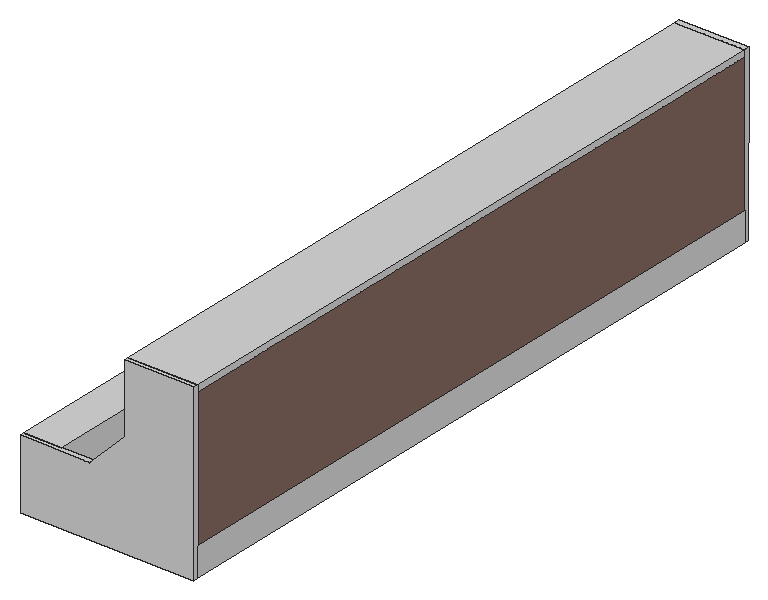
Revit family "ORMA_ORMA INSIDE CORNER 1,2_1900156", category Generic Models, Revit 2018
Family settings
  Can host rebar = No
  Round Connector Dimension = Use Diameter
  Part Type = Normal
  OmniClass Number = 35.51.14.00
  OmniClass Title = FORMWORK
  Work Plane-Based = Yes
  Always vertical = No
  Cut with Voids When Loaded = No
  Shared = Yes
  Room Calculation Point = No
Parameters
  VERSION = "20190101"  # constant formula
  URL = "www.ulmaconstruction.com/en"
  UNICLASS = ""
  ITEM_CODE = "1900156"
  Manufacturer = "ULMA CONSTRUCTION"  # constant formula
  FILTER [instance] = ""
  Default Elevation = 0.000 mm
  CLASSIFICATION_TITLE = ""
  CLASSIFICATION_NUMBER = ""
Reference planes
  plane 1 "Centro (Frontal/Posterior)": y = 0
  plane 2: z = 0
  plane 3 "Centro (Izquierda/Derecha)": x = 0
  plane 4 "ITEM_HEIGHT": y = 1200
  plane 5 "TIE HOLE 2": y = 640
  plane 6 "TIE HOLE 1": y = 34
  plane 7 "EXT HOLE 1": y = 450
  plane 8 "EXT HOLE 2": y = 750
  plane 9 "LEFT TIES": x = -271.5
  plane 10 "RIGHT TIES": z = 271.5
  plane 11 "LEFT RIB HOLES": x = -180
  plane 12 "RIGHT RIB HOLES": z = 180
Forms (mm)
  Extrusion 1, solid, material "ULMA ZINC", detail levels fine
    sketch origin (-300, 0, 0.001) x (1, 0, 0) y (0, 0, 1)
      loop
        line (11.2, 20.001) -> (65, 20.001) -> (64.999, 26.501)
        arc (64.999, 26.501) -> (63.974, 28.976) -> (61.499, 30.001) r 3.5
        line (61.499, 30.001) -> (54.999, 30.001)
        arc (54.999, 30.001) -> (53.231, 30.733) -> (52.499, 32.501) r 2.5
        line (52.499, 32.501) -> (52.499, 48.039)
        arc (52.499, 48.039) -> (52.915, 49.421) -> (54.025, 50.344) r 2.504
        line (54.025, 50.344) -> (61.342, 53.448)
        arc (61.342, 53.448) -> (64.002, 55.66) -> (65, 58.973) r 6.001
        line (65, 58.973) -> (65, 120) -> (0, 120) -> (0, 0) -> (11.2, 0) -> (11.2, 20.001)
    from -1192 to -8
  Extrusion 2, solid, material "ULMA ZINC", detail levels fine
    sketch origin (-0.001, 0, 300) x (0, 0, -1) y (1, 0, 0)
      loop
        line (11.2, -20.001) -> (11.2, 0) -> (0, 0) -> (0, -120) -> (65, -120) -> (65, -58.973)
        arc (65, -58.973) -> (64.002, -55.66) -> (61.342, -53.448) r 6.001
        line (61.342, -53.448) -> (54.025, -50.344)
        arc (54.025, -50.344) -> (52.915, -49.421) -> (52.499, -48.039) r 2.504
        line (52.499, -48.039) -> (52.499, -32.501)
        arc (52.499, -32.501) -> (53.231, -30.733) -> (54.999, -30.001) r 2.5
        line (54.999, -30.001) -> (61.499, -30.001)
        arc (61.499, -30.001) -> (63.974, -28.976) -> (64.999, -26.501) r 3.5
        line (64.999, -26.501) -> (65, -20.001) -> (11.2, -20.001)
    from -1192 to -8
  Extrusion 3, solid, material "ULMA ZINC", detail levels fine
    sketch origin (0, 0, 0) x (1, 0, 0) y (0, 0, 1)
      loop
        line (-75, 20) -> (-50, 20) -> (-50, 0) -> (0, 0) -> (0, 50) -> (-20.001, 50) -> (-20.001, 75) -> (-23.001, 75) -> (-23.001, 47) -> (-3, 47) -> (-3, 3) -> (-47, 3) -> (-47, 23) -> (-75, 23) -> (-75, 20)
    from -1192 to -8
  Extrusion 4, solid, material "ULMA PLYWOOD", detail levels fine
    sketch origin (0, 0, 0) x (1, 0, 0) y (0, 0, 1)
      loop
        line (-288.8, 20.003) -> (-288.8, 0) -> (-50, 0) -> (-50, 20.003) -> (-288.8, 20.003)
    from -1192 to -8
  Extrusion 5, solid, material "ULMA PLYWOOD", detail levels fine
    sketch origin (0, 0, 0) x (1, 0, 0) y (0, 0, 1)
      loop
        line (-20.001, 50) -> (-0.001, 50) -> (-0.001, 288.8) -> (-20.001, 288.8) -> (-20.001, 50)
    from -1192 to -8
  Extrusion 6, solid, material "ULMA ZINC", detail levels fine
    sketch origin (0, 0, 0) x (1, 0, 0) y (0, 0, 1)
      loop
        line (-120, 300) -> (-120, 180) -> (-180, 120) -> (-300, 120) -> (-300, 0) -> (-0.001, 0) -> (-0.001, 300) -> (-120, 300)
    from -8 to 0
  Extrusion 7, solid, material "ULMA ZINC", detail levels fine
    sketch origin (0, 600, 0) x (1, 0, 0) y (0, 0, 1)
      loop
        line (-120, 300) -> (-120, 180) -> (-180, 120) -> (-300, 120) -> (-300, 0) -> (-0.001, 0) -> (-0.001, 300) -> (-120, 300)
    from -600 to -592
  Extrusion 8, solid, material "ULMA ZINC", detail levels fine
    sketch origin (0, 35, 0) x (1, 0, 0) y (0, 0, 1)
      loop
        line (-235, 120.001) -> (-235, 20.001) -> (-75, 20.001) -> (-75, 23) -> (-45.001, 23) -> (-45.001, 45.001) -> (-23.001, 45.001) -> (-23.001, 75) -> (-20.001, 75) -> (-20.001, 235.001) -> (-120.001, 235.001) -> (-120.001, 120.001) -> (-235, 120.001)
    from -330 to -270
  Extrusion 9, solid, material "ULMA ZINC", not visible, detail levels fine
    sketch origin (0, 0, 0) x (1, 0, 0) y (0, 0, 1)
      loop
        line (-235, 120.001) -> (-235, 20.001) -> (-75, 20.001) -> (-75, 23) -> (-45.001, 23) -> (-45.001, 45.001) -> (-23.001, 45.001) -> (-23.001, 75) -> (-20.001, 75) -> (-20.001, 235.001) -> (-120.001, 235.001) -> (-120.001, 120.001) -> (-235, 120.001)
    from -330 to -270
  Extrusion 10, solid, material "ULMA ZINC", detail levels fine
    sketch origin (0, 300, 0) x (1, 0, 0) y (0, 0, 1)
      loop
        line (-235, 120.001) -> (-235, 20.001) -> (-75, 20.001) -> (-75, 23) -> (-45.001, 23) -> (-45.001, 45.001) -> (-23.001, 45.001) -> (-23.001, 75) -> (-20.001, 75) -> (-20.001, 235.001) -> (-120.001, 235.001) -> (-120.001, 120.001) -> (-235, 120.001)
    from -330 to -270
  Extrusion 11, solid, material "ULMA ZINC", detail levels fine
    sketch origin (0, 565, 0) x (1, 0, 0) y (0, 0, 1)
      loop
        line (-235, 120.001) -> (-235, 20.001) -> (-75, 20.001) -> (-75, 23) -> (-45.001, 23) -> (-45.001, 45.001) -> (-23.001, 45.001) -> (-23.001, 75) -> (-20.001, 75) -> (-20.001, 235.001) -> (-120.001, 235.001) -> (-120.001, 120.001) -> (-235, 120.001)
    from -330 to -270
  Extrusion 12, solid, material "ULMA ZINC", detail levels fine
    sketch origin (0, -2100, 0) x (0, 1, 0) y (0, 0, 1)
      loop
        circle (2850, 85) r 19
    from -235 to -227
  Extrusion 13, solid, material "ULMA ZINC", detail levels fine
    sketch origin (0, -2400, 0) x (0, 1, 0) y (0, 0, 1)
      loop
        circle (2850, 85) r 19
    from -235 to -227
  Extrusion 14, solid, material "ULMA ZINC", detail levels fine
    sketch origin (0, 0, 0) x (0, 1, 0) y (0, 0, 1)
      loop
        line (1167, 45.003) -> (1167, 20.003) -> (1192, 20.003) -> (1192, 45.003) -> (1167, 45.003)
    from -235 to -75
  Extrusion 15, solid, material "ULMA ZINC", detail levels fine
    sketch origin (0, 0, 0) x (0, 1, 0) y (0, 0, 1)
      loop
        line (8, 20.003) -> (33, 20.003) -> (33, 45.003) -> (8, 45.003) -> (8, 20.003)
    from -235 to -75
  Extrusion 16, solid, material "ULMA ZINC", detail levels fine
    sketch origin (0, 0, 0) x (1, 0, 0) y (0, 1, 0)
      loop
        line (-45.001, 33) -> (-45.001, 8) -> (-20.001, 8) -> (-20.001, 33) -> (-45.001, 33)
    from 75 to 235
  Extrusion 17, solid, material "ULMA ZINC", detail levels fine
    sketch origin (0, 0, 0) x (1, 0, 0) y (0, 1, 0)
      loop
        line (-45.001, 1192) -> (-45.001, 1167) -> (-20.001, 1167) -> (-20.001, 1192) -> (-45.001, 1192)
    from 75 to 235
  Extrusion 18, solid, material "ULMA ZINC", detail levels fine
    sketch origin (0, -2100, 0) x (1, 0, 0) y (0, 1, 0)
      loop
        circle (-84.999, 2850) r 19
    from 227.001 to 235
  Extrusion 19, solid, material "ULMA ZINC", detail levels fine
    sketch origin (0, -2400, 0) x (1, 0, 0) y (0, 1, 0)
      loop
        circle (-84.999, 2850) r 19
    from 227.001 to 235
  Extrusion 20, solid, material "ULMA ZINC", detail levels coarse+medium
    sketch origin (0, 0, 0) x (1, 0, 0) y (0, 0, 1)
      loop
        line (-300, 0) -> (-0.001, 0) -> (-0.001, 300) -> (-120, 300) -> (-120, 120) -> (-300, 120) -> (-300, 0)
    from 0 to -1200
Lines and regions (mm)
  model lines, style "ULMA PANELS", detail levels fine
    curve 1: circle (-15, 0, 15) r 10 normal (0, -1, 0)
    curve 2: circle (-180.001, 0, 80.001) r 10 normal (0, -1, 0)
    curve 3: circle (-80.001, 0, 180.001) r 10 normal (0, -1, 0)
    curve 4: circle (-15, 8, 15) r 10 normal (0, -1, 0)
    curve 5: circle (-180, 8, 80.001) r 10 normal (0, -1, 0)
    curve 6: circle (-80.001, 8, 180.001) r 10 normal (0, -1, 0)
    curve 7: circle (-15, 1192, 15) r 10 normal (0, -1, 0)
    curve 8: circle (-180.001, 1192, 80.001) r 10 normal (0, -1, 0)
    curve 9: circle (-80.001, 1192, 180.001) r 10 normal (0, -1, 0)
    curve 10: circle (-15, 1200, 15) r 10 normal (0, -1, 0)
    curve 11: circle (-180.001, 1200, 80.001) r 10 normal (0, -1, 0)
    curve 12: circle (-80.001, 1200, 180.001) r 10 normal (0, -1, 0)
    curve 13: arc (-256, 41.5, 120.001) -> (-271.5, 57, 120.001) -> (-287, 41.5, 120.001) r 15.5
    curve 14: line (-287, 26.5, 120.001) -> (-287, 41.5, 120.001)
    curve 15: line (-256, 41.5, 120.001) -> (-256, 26.5, 120.001)
    curve 16: arc (-287, 26.5, 120.001) -> (-271.5, 11, 120.001) -> (-256, 26.5, 120.001) r 15.5
    curve 17: circle (-271.5, 34, 120.001) r 13 normal (0, 0, 1)
    curve 18: circle (-271.5, 34, 0) r 13 normal (0, 0, 1)
    curve 25: arc (-256, 647.5, 120.001) -> (-271.5, 663, 120.001) -> (-287, 647.5, 120.001) r 15.5
    curve 26: line (-287, 632.5, 120.001) -> (-287, 647.5, 120.001)
    curve 27: line (-256, 647.5, 120.001) -> (-256, 632.5, 120.001)
    curve 28: arc (-287, 632.5, 120.001) -> (-271.5, 617, 120.001) -> (-256, 632.5, 120.001) r 15.5
    curve 29: circle (-271.5, 640, 120.001) r 13 normal (0, 0, 1)
    curve 30: circle (-271.5, 640, 0) r 13 normal (0, 0, 1)
    curve 31: arc (-120.001, 647.5, 287) -> (-120.001, 663, 271.5) -> (-120.001, 647.5, 256) r 15.5
    curve 32: line (-120.001, 632.5, 256) -> (-120.001, 647.5, 256)
    curve 33: line (-120.001, 647.5, 287) -> (-120.001, 632.5, 287)
    curve 34: arc (-120.001, 632.5, 256) -> (-120.001, 617, 271.5) -> (-120.001, 632.5, 287) r 15.5
    curve 35: circle (-120.001, 640, 271.5) r 13 normal (-1, 0, 0)
    curve 36: circle (0, 640, 271.5) r 13 normal (-1, 0, 0)
    curve 37: arc (-120.001, 41.5, 287) -> (-120.001, 57, 271.5) -> (-120.001, 41.5, 256) r 15.5
    curve 38: line (-120.001, 26.5, 256) -> (-120.001, 41.5, 256)
    curve 39: line (-120.001, 41.5, 287) -> (-120.001, 26.5, 287)
    curve 40: arc (-120.001, 26.5, 256) -> (-120.001, 11, 271.5) -> (-120.001, 26.5, 287) r 15.5
    curve 41: circle (-120.001, 34, 271.5) r 13 normal (-1, 0, 0)
    curve 42: circle (0, 34, 271.5) r 13 normal (-1, 0, 0)
    curve 43: circle (-180, 305, 80.001) r 10.25 normal (0, -1, 0)
    curve 44: circle (-80.001, 305, 180) r 10.25 normal (0, -1, 0)
    curve 45: circle (-180, 365, 80.001) r 10.25 normal (0, -1, 0)
    curve 46: circle (-80.001, 365, 180) r 10.25 normal (0, -1, 0)
    curve 51: circle (-180.001, 570, 80.001) r 10.25 normal (0, -1, 0)
    curve 52: circle (-80.001, 570, 180.001) r 10.25 normal (0, -1, 0)
    curve 53: circle (-180.001, 630, 80.001) r 10.25 normal (0, -1, 0)
    curve 54: circle (-80.001, 630, 180.001) r 10.25 normal (0, -1, 0)
    curve 55: circle (-180.001, 835, 80.001) r 10.25 normal (0, -1, 0)
    curve 56: circle (-80.001, 835, 180.001) r 10.25 normal (0, -1, 0)
    curve 57: circle (-180.001, 895, 80.001) r 10.25 normal (0, -1, 0)
    curve 58: circle (-80.001, 895, 180.001) r 10.25 normal (0, -1, 0)
    curve 59: circle (-227, 750, 85) r 11 normal (1, 0, 0)
    curve 60: circle (-300, 750, 85) r 11 normal (1, 0, 0)
    curve 61: circle (-227, 450, 85) r 11 normal (1, 0, 0)
    curve 62: circle (-300, 450, 85) r 11 normal (1, 0, 0)
    curve 63: circle (-84.999, 750, 227.001) r 11 normal (0, 0, 1)
    curve 64: circle (-84.999, 750, 300) r 11 normal (0, 0, 1)
    curve 65: circle (-84.999, 450, 227.001) r 11 normal (0, 0, 1)
    curve 66: circle (-84.999, 450, 300) r 11 normal (0, 0, 1)
  model lines, style "ULMA PANELS", not visible, detail levels fine
    curve 19: arc (-256, 567.5, 120.001) -> (-271.5, 583, 120.001) -> (-287, 567.5, 120.001) r 15.5
    curve 20: line (-287, 552.5, 120.001) -> (-287, 567.5, 120.001)
    curve 21: line (-256, 567.5, 120.001) -> (-256, 552.5, 120.001)
    curve 22: arc (-287, 552.5, 120.001) -> (-271.5, 537, 120.001) -> (-256, 552.5, 120.001) r 15.5
    curve 23: circle (-271.5, 560, 120.001) r 13 normal (0, 0, 1)
    curve 24: circle (-271.5, 560, 0) r 13 normal (0, 0, 1)
    curve 47: circle (-180.001, 270, 80.001) r 10.25 normal (0, -1, 0)
    curve 48: circle (-80.001, 270, 180.001) r 10.25 normal (0, -1, 0)
    curve 49: circle (-180.001, 330, 80.001) r 10.25 normal (0, -1, 0)
    curve 50: circle (-80.001, 330, 180.001) r 10.25 normal (0, -1, 0)
Dimensions and locks
  locked: plane 1 "Centro (Frontal/Posterior)" to plane 4 "ITEM_HEIGHT" at 1200
  locked: Extrusion 14 sketch curve to Extrusion 14 sketch curve at 25  (x2)
  locked: Extrusion 15 sketch curve to Extrusion 15 sketch curve at 25  (x2)
  locked: Extrusion 16 sketch curve to Extrusion 16 sketch curve at 25  (x2)
  locked: Extrusion 17 sketch curve to Extrusion 17 sketch curve at 25  (x2)
  aligned and locked: level to plane 2
  aligned and locked: plane 1 "Centro (Frontal/Posterior)" to Extrusion 6
  aligned and locked: plane 4 "ITEM_HEIGHT" to Extrusion 7
  aligned and locked: Extrusion 14 to Extrusion 1
  aligned and locked: Extrusion 14 to Extrusion 3
  aligned and locked: Extrusion 15 to Extrusion 1
  aligned and locked: Extrusion 15 to Extrusion 3
  aligned and locked: Extrusion 16 to Extrusion 3
  aligned and locked: Extrusion 16 to Extrusion 2
  aligned and locked: Extrusion 17 to Extrusion 3
  aligned and locked: Extrusion 17 to Extrusion 2
  aligned and locked: plane 4 "ITEM_HEIGHT" to Extrusion 20
